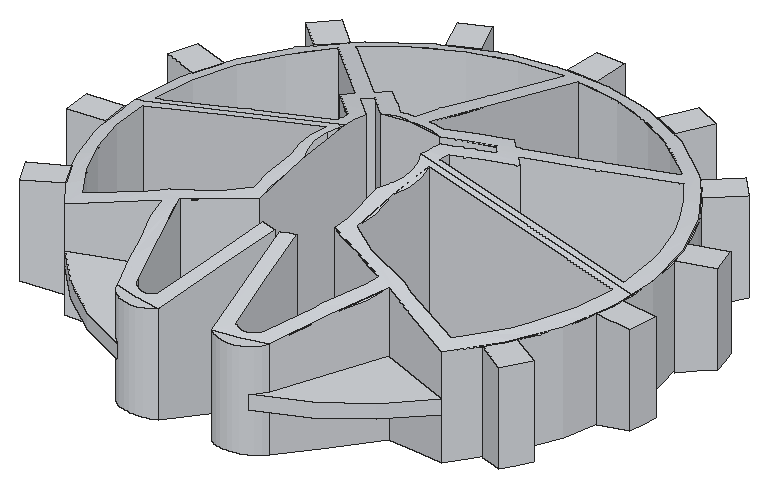
Revit family "Væg-Con Kas 15 10-12", category Generic Models, Revit 2019
Family settings
  Can host rebar = No
  Round Connector Dimension = Use Diameter
  Part Type = Normal
  Work Plane-Based = Yes
  Always vertical = No
  Cut with Voids When Loaded = No
  Shared = No
  Room Calculation Point = No
Parameters
  Website Link = "https://haucon.dk/produkt/vaeg-con-kas/#variations"
  Technical Data Sheet = "https://haucon.dk/wp-content/uploads/2016/04/1011100-VAEG-CON-KAS-TDS-DK.pdf"
  Default Elevation = 1219.2 mm
Reference planes
  plane 1 "Center (Front/Back)": y = 0
  plane 2: z = 0
  plane 3 "Center (Left/Right)": x = 0
Forms (mm)
  Extrusion 1, solid
    sketch origin (0, 0, 0) x (1, 0, 0) y (0, 1, 0)
      loop
        line (2.058, 2.351) -> (4.283, 4.576) -> (4.862, 3.996) -> (2.615, 1.749) -> (2.615, -7.553) -> (6.997, -9.145) -> (4.552, -15.875)
        arc (4.552, -15.875) -> (3.761, -16.597) -> (2.716, -16.359) r 1.156
        line (2.716, -16.359) -> (1.177, -9.087) -> (0.168, -9.301) -> (1.882, -17.398)
        arc (1.882, -17.398) -> (3.807, -17.99) -> (5.328, -16.669) r 2.074
        line (5.328, -16.669) -> (7.937, -9.487) -> (13.26, -11.421)
        arc (13.26, -11.421) -> (0, 17.5) -> (-13.26, -11.421) r 17.5
        line (-13.26, -11.421) -> (-7.937, -9.487) -> (-5.328, -16.669)
        arc (-5.328, -16.669) -> (-3.807, -17.99) -> (-1.882, -17.398) r 2.074
        line (-1.882, -17.398) -> (-0.168, -9.301) -> (-1.177, -9.087) -> (-2.716, -16.359)
        arc (-2.716, -16.359) -> (-3.761, -16.597) -> (-4.552, -15.875) r 1.156
        line (-4.552, -15.875) -> (-6.997, -9.145) -> (-2.615, -7.553) -> (-2.615, 1.749) -> (-4.862, 3.996) -> (-4.283, 4.576) -> (-2.058, 2.351) -> (2.058, 2.351)
      loop
        arc (-16.506, -0.489) -> (-15.515, -5.653) -> (-12.951, -10.245) r 16.513
        line (-12.951, -10.245) -> (-3.569, -6.836) -> (-3.569, -0.489) -> (-16.506, -0.489)
      loop
        line (-0.477, 3.351) -> (-0.477, 16.506)
        arc (-0.477, 16.506) -> (-6.398, 15.223) -> (-11.457, 11.892) r 16.513
        line (-11.457, 11.892) -> (-4.978, 5.413) -> (-4.271, 6.12) -> (-1.503, 3.351) -> (-0.477, 3.351)
      loop
        line (-5.685, 4.706) -> (-12.156, 11.176)
        arc (-12.156, 11.176) -> (-15.295, 6.225) -> (-16.506, 0.489) r 16.513
        line (-16.506, 0.489) -> (-3.569, 0.489) -> (-3.569, 1.302) -> (-6.329, 4.062) -> (-5.685, 4.706)
      loop
        line (0.477, 3.351) -> (1.503, 3.351) -> (4.271, 6.12) -> (4.978, 5.413) -> (11.457, 11.892)
        arc (11.457, 11.892) -> (6.398, 15.223) -> (0.477, 16.506) r 16.513
        line (0.477, 16.506) -> (0.477, 3.351)
      loop
        line (5.685, 4.706) -> (6.329, 4.062) -> (3.569, 1.302) -> (3.569, 0.489) -> (16.506, 0.489)
        arc (16.506, 0.489) -> (15.295, 6.225) -> (12.156, 11.176) r 16.513
        line (12.156, 11.176) -> (5.685, 4.706)
      loop
        line (16.506, -0.489) -> (3.569, -0.489) -> (3.569, -6.836) -> (12.951, -10.245)
        arc (12.951, -10.245) -> (15.515, -5.653) -> (16.506, -0.489) r 16.513
    from -7.5 to 7.5
  Extrusion 2, solid
    sketch origin (0, 0, 0) x (1, 0, 0) y (0, 1, 0)
      loop
        arc (-1.021, 17.47) -> (-0.012, 17.5) -> (0.997, 17.47) r 17.085
        line (0.997, 17.47) -> (0.997, 20) -> (-1.021, 20) -> (-1.021, 17.47)
    from -3.5 to 3.5
  Extrusion 3, solid
    sketch origin (0, 0, 0) x (0.913545, -0.406737, 0) y (0.406737, 0.913545, 0)
      loop
        arc (-1.021, 17.47) -> (-0.012, 17.5) -> (0.997, 17.47) r 17.085
        line (0.997, 17.47) -> (0.997, 20) -> (-1.021, 20) -> (-1.021, 17.47)
    from -3.5 to 3.5
  Extrusion 4, solid
    sketch origin (0, 0, 0) x (0.913545, 0.406737, 0) y (-0.406737, 0.913545, 0)
      loop
        arc (-1.021, 17.47) -> (-0.012, 17.5) -> (0.997, 17.47) r 17.085
        line (0.997, 17.47) -> (0.997, 20) -> (-1.021, 20) -> (-1.021, 17.47)
    from -3.5 to 3.5
  Extrusion 5, solid
    sketch origin (0, 0, 0) x (0.669131, 0.743145, 0) y (-0.743145, 0.669131, 0)
      loop
        arc (-1.021, 17.47) -> (-0.012, 17.5) -> (0.997, 17.47) r 17.085
        line (0.997, 17.47) -> (0.997, 20) -> (-1.021, 20) -> (-1.021, 17.47)
    from -3.5 to 3.5
  Extrusion 6, solid
    sketch origin (0, 0, 0) x (0.309017, 0.951057, 0) y (-0.951057, 0.309017, 0)
      loop
        arc (-1.021, 17.47) -> (-0.012, 17.5) -> (0.997, 17.47) r 17.085
        line (0.997, 17.47) -> (0.997, 20) -> (-1.021, 20) -> (-1.021, 17.47)
    from -3.5 to 3.5
  Extrusion 7, solid
    sketch origin (0, 0, 0) x (-0.104528, 0.994522, 0) y (-0.994522, -0.104528, 0)
      loop
        arc (-1.021, 17.47) -> (-0.012, 17.5) -> (0.997, 17.47) r 17.085
        line (0.997, 17.47) -> (0.997, 20) -> (-1.021, 20) -> (-1.021, 17.47)
    from -3.5 to 3.5
  Extrusion 8, solid
    sketch origin (0, 0, 0) x (-0.5, 0.866025, 0) y (-0.866025, -0.5, 0)
      loop
        arc (-1.021, 17.47) -> (-0.012, 17.5) -> (0.997, 17.47) r 17.085
        line (0.997, 17.47) -> (0.997, 20) -> (-1.021, 20) -> (-1.021, 17.47)
    from -3.5 to 3.5
  Extrusion 9, solid
    sketch origin (0, 0, 0) x (-0.5, -0.866025, 0) y (0.866025, -0.5, 0)
      loop
        arc (-1.021, 17.47) -> (-0.012, 17.5) -> (0.997, 17.47) r 17.085
        line (0.997, 17.47) -> (0.997, 20) -> (-1.021, 20) -> (-1.021, 17.47)
    from -3.5 to 3.5
  Extrusion 10, solid
    sketch origin (0, 0, 0) x (-0.104528, -0.994522, 0) y (0.994522, -0.104528, 0)
      loop
        arc (-1.021, 17.47) -> (-0.012, 17.5) -> (0.997, 17.47) r 17.085
        line (0.997, 17.47) -> (0.997, 20) -> (-1.021, 20) -> (-1.021, 17.47)
    from -3.5 to 3.5
  Extrusion 11, solid
    sketch origin (0, 0, 0) x (0.309017, -0.951057, 0) y (0.951057, 0.309017, 0)
      loop
        arc (-1.021, 17.47) -> (-0.012, 17.5) -> (0.997, 17.47) r 17.085
        line (0.997, 17.47) -> (0.997, 20) -> (-1.021, 20) -> (-1.021, 17.47)
    from -3.5 to 3.5
  Extrusion 12, solid
    sketch origin (0, 0, 0) x (0.669131, -0.743145, 0) y (0.743145, 0.669131, 0)
      loop
        arc (-1.021, 17.47) -> (-0.012, 17.5) -> (0.997, 17.47) r 17.085
        line (0.997, 17.47) -> (0.997, 20) -> (-1.021, 20) -> (-1.021, 17.47)
    from -3.5 to 3.5
  Extrusion 13, solid
    sketch origin (0, 0, 0) x (1, 0, 0) y (0, 1, 0)
      loop
        line (-7.937, -9.487) -> (-13.26, -11.421)
        arc (-13.26, -11.421) -> (-9.36, -15.141) -> (-4.588, -17.646) r 19.421
        line (-4.588, -17.646) -> (-7.937, -9.487)
      loop
        line (7.937, -9.487) -> (4.588, -17.646)
        arc (4.588, -17.646) -> (9.36, -15.141) -> (13.26, -11.421) r 19.421
        line (13.26, -11.421) -> (7.937, -9.487)
    from -0.5 to 0.5
  Sweep 14, void
    path origin (0, 0, 0) x (1, 0, 0) y (0, 1, 0)
      loop
        circle (0, 0) r 10
    profile origin (0, 10, 0) x (0, -1, 0) y (0, 0, 1)
      loop
        line (-7.5, 3.493) -> (8.698, 7.5) -> (-9.615, 7.5) -> (-9.615, 3.493) -> (-7.5, 3.493)
  Sweep 15, void
    path origin (0, 0, 0) x (0, -1, 0) y (1, 0, 0)
      loop
        circle (0, 0) r 10
    profile origin (0, 10, 0) x (0, -1, 0) y (0, 0, 1)
      loop
        line (-11.915, -2.4) -> (-11.915, -7.5) -> (8.698, -7.5) -> (-11.915, -2.4)
Cuts and joins
  Sweep 14, Sweep 15 cuts Extrusion 1
  Sweep 14, Sweep 15 cuts Extrusion 13
  joined: Extrusion 1, Extrusion 13
  Sweep 15 cuts Extrusion 2
  Sweep 15 cuts Extrusion 3
  Sweep 15 cuts Extrusion 4
  Sweep 15 cuts Extrusion 5
  Sweep 15 cuts Extrusion 6
  Sweep 15 cuts Extrusion 7
  Sweep 15 cuts Extrusion 8
  Sweep 15 cuts Extrusion 9
  Sweep 15 cuts Extrusion 10
  Sweep 15 cuts Extrusion 11
  Sweep 15 cuts Extrusion 12
Dimensions and locks
  aligned and locked: level to plane 2
